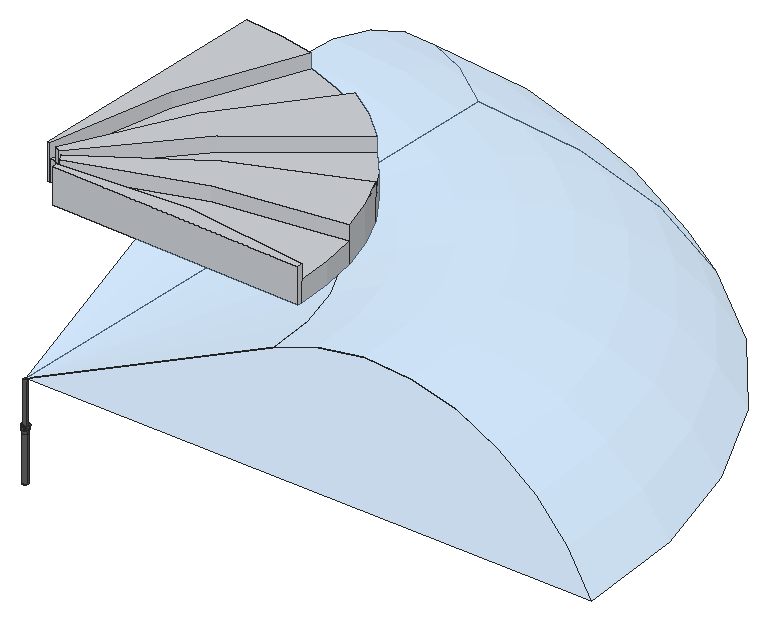
Revit family "HUNTER_PROS12-PRS40-CV", category Sprinklers, Revit 2017
Family settings
  Maintain Annotation Orientation = No
  Round Connector Dimension = Use Diameter
  Part Type = Normal
  OmniClass Number = 23.11.27.15.11.11
  OmniClass Title = Installed Sprinkler Heads
  Work Plane-Based = No
  Always vertical = Yes
  Cut with Voids When Loaded = No
  Shared = Yes
  Room Calculation Point = No
Parameters (values of type "PROS-12-PRS40-CV-MP1000-90_Maroon_4.1m")
  Water Pattern = Water Arc : Water Arc
  Water = Water
  Valid Trajectory Arc [instance] = if(Trajectory Arc < Arc Min, Arc Min, if(Trajectory Arc > Arc Max, Arc Max, Trajectory Arc))  # 90.00°
  URL = "https://www.hunterindustries.com/irrigation-product/spray-bodies/pro-spray-prs40"
  Type Image = <None>
  Type Comments = "Pro-Spray® PROS-12"
  Trajectory Ref [instance] = (if(Trajectory Arc < Arc Min, Arc Min, if(Trajectory Arc > Arc Max, Arc Max, Trajectory Arc))) / 1.00°  # 90
  Trajectory Radius = 4100.000 mm
  Trajectory Angle = 25.00°  # constant formula
  Symbol = Annotation MP1000 : Annotation MP1000
  Show Water Spray = yes
  Show 2D Symbol = yes
  Seal = Hunter® White Flex Seal
  Pressure = 280.0 kPa
  Precipitation Rate = "11 mm/hr"
  Pop Up Material = Hunter® ABS Plastic
  Pop Up Height = 300.000 mm  # constant formula
  Model = "PROS-12-PRS40-CV-MP1000-90"
  MP_Ref_2 = 90
  MP_Ref_1 = 1000
  MP Rotator_URL = "https://www.hunterindustries.com/irrigation-product/mp-rotator/mp-rotator"
  Keynote = "328423.02"
  Inlet Size = "1/2'' NPT"
  Connection_Dia = 15.000 mm  # constant formula
  Nozzle Size = "Hunter®MP Rotator (MP1000) Maroon Nozzle"
  Exposed Diameter = 57.000 mm  # constant formula
  Body Material = Hunter® ABS Plastic
  Manufacturer = "Hunter® Industries"
  Product Flow [instance] = if(and(MP_Ref_1 = 1000, MP_Ref_2 = 90), (if(Trajectory Ref = 90, 0.8 L/min, if(Trajectory Ref = 180, 1.59 L/min, if(Trajectory Ref = 210, 1.86 L/min, if(Trajectory Ref < 180, ((Trajectory Ref - 90) * 0.01 L/min) + 0.8 L/min, ((Trajectory Ref - 180) * 0.01 L/min) + 1.59 L/min))))), (if(and(MP_Ref_1 = 2000, MP_Ref_2 = 90), (if(Trajectory Ref = 90, 1.63 L/min, if(Trajectory Ref = 180, 2.92 L/min, if(Trajectory Ref = 210, 3.26 L/min, if(Trajectory Ref < 180, ((Trajectory Ref - 90) * 0.01 L/min) + 1.63 L/min, ((Trajectory Ref - 180) * 0.01 L/min) + 2.92 L/min))))), (if(and(MP_Ref_1 = 3000, MP_Ref_2 = 90), (if(Trajectory Ref = 90, 3.26 L/min, if(Trajectory Ref = 180, 6.9 L/min, if(Trajectory Ref = 210, 8.03 L/min, if(Trajectory Ref < 180, ((Trajectory Ref - 90) * 0.01 L/min) + 3.26 L/min, ((Trajectory Ref - 180) * 0.01 L/min) + 6.9 L/min))))), (if(and(MP_Ref_1 = 1000, MP_Ref_2 = 210), (if(Trajectory Ref = 210, 1.86 L/min, if(Trajectory Ref = 270, 2.39 L/min, ((Trajectory Ref - 210) * 0.01 L/min) + 1.86 L/min))), (if(and(MP_Ref_1 = 2000, MP_Ref_2 = 210), (if(Trajectory Ref = 210, 3.26 L/min, if(Trajectory Ref = 270, 4.17 L/min, ((Trajectory Ref - 210) * 0.01 L/min) + 3.26 L/min))), (if(and(MP_Ref_1 = 3000, MP_Ref_2 = 210), (if(Trajectory Ref = 210, 8.03 L/min, if(Trajectory Ref = 270, 10.35 L/min, ((Trajectory Ref - 210) * 0.01 L/min) + 8.03 L/min))), (if(and(MP_Ref_1 = 1000, MP_Ref_2 = 360), (3.18 L/min), (if(and(MP_Ref_1 = 2000, MP_Ref_2 = 360), (5.61 L/min), (if(and(MP_Ref_1 = 3000, MP_Ref_2 = 360), (13.8 L/min), (if(and(MP_Ref_1 = 515, MP_Ref_2 = 0), (0.84 L/min), (if(and(MP_Ref_1 = 530, MP_Ref_2 = 0), (1.66 L/min), (if(and(MP_Ref_1 = 3500, MP_Ref_2 = 90), (if(Trajectory Ref = 90, 4.84 L/min, if(Trajectory Ref = 180, 10.83 L/min, if(Trajectory Ref = 210, 12.45 L/min, if(Trajectory Ref < 180, ((Trajectory Ref - 90) * 0.07 L/min) + 4.84 L/min, ((Trajectory Ref - 180) * 0.05 L/min) + 10.83 L/min))))), (if(and(MP_Ref_1 = 4000, MP_Ref_2 = 45), (if(Trajectory Ref = 45, 0.7 L/min, if(Trajectory Ref = 90, 1.44 L/min, if(Trajectory Ref = 105, 1.7 L/min, if(Trajectory Ref < 90, ((Trajectory Ref - 45) * 0.02 L/min) + 0.7 L/min, ((Trajectory Ref - 90) * 0.02 L/min) + 1.44 L/min))))), (if(and(MP_Ref_1 = 515, MP_Ref_2 = 1), (0.84 L/min), (if(and(MP_Ref_1 = 530, MP_Ref_2 = 1), (1.66 L/min), (if(and(MP_Ref_1 = 800, MP_Ref_2 = 360), (2.95 L/min), (if(and(MP_Ref_1 = 815, MP_Ref_2 = 360), (7.08 L/min), (if(and(MP_Ref_1 = 800, MP_Ref_2 = 90), (if(Trajectory Ref = 90, 0.87 L/min, if(Trajectory Ref = 180, 1.59 L/min, if(Trajectory Ref = 210, 1.85 L/min, if(Trajectory Ref < 180, ((Trajectory Ref - 90) * (8.0 L/min / 1000)) + 0.87 L/min, ((Trajectory Ref - 180) * (8.0 L/min / 1000)) + 1.59 L/min))))), (if(and(MP_Ref_1 = 815, MP_Ref_2 = 90), (if(Trajectory Ref = 90, 1.85 L/min, if(Trajectory Ref = 180, 3.52 L/min, if(Trajectory Ref = 210, 4.16 L/min, if(Trajectory Ref < 180, ((Trajectory Ref - 90) * (18.0 L/min / 1000)) + 1.85 L/min, ((Trajectory Ref - 180) * (21.0 L/min / 1000)) + 3.52 L/min))))), (if(and(MP_Ref_1 = 815, MP_Ref_2 = 210), (if(Trajectory Ref = 210, 4.16 L/min, if(Trajectory Ref = 270, 5.3 L/min, ((Trajectory Ref - 210) * (19.0 L/min / 1000) + 4.16 L/min)))), (0.0 L/min))))))))))))))))))))))))))))))))))))))))  # 0.8 L/min
  Diameter = 609.6 mm
  Description = "ProSpray® with Pressure Regulator PROS-12-PRS40 30cm PopUp and MP Rotator MP1000-90"
  Body Height = 410.000 mm  # constant formula
  Assembly Code = "G2050700"
  Trajectory Arc [instance] = 90.00°
  Arc Min = 90.00°
  Arc Max = 210.00°
Types (19, lengths in mm): name | Water Pattern | Valid Trajectory Arc | Trajectory Ref | Trajectory Radius | Symbol | Precipitation Rate | Model | MP_Ref_2 | MP_Ref_1 | MP Rotator_URL | Inlet Size | Nozzle Size | Product Flow | Description | Trajectory Arc | Arc Min | Arc Max
  PROS-12-PRS40-CV-MP1000-90_Maroon_4.1m | Water Arc : Water Arc | 90.00° | 90 | 4100.000 | Annotation MP1000 : Annotation MP1000 | "11 mm/hr" | "PROS-12-PRS40-CV-MP1000-90" | 90 | 1000 | "https://www.hunterindustries.com/irrigation-product/mp-rotator/mp-rotator" | "1/2'' NPT" | "Hunter®MP Rotator (MP1000) Maroon Nozzle" | 0.8 L/min | "ProSpray® with Pressure Regulator PROS-12-PRS40 30cm PopUp and MP Rotator MP1000-90" | 90.00° | 90.00° | 210.00°
  PROS-12-PRS40-CV-MP1000-360_Olive_4.1m | Water Arc : Water Arc | 360.00° | 360 | 4100.000 | Annotation MP1000 : Annotation MP1000 | "11 mm/hr" | "PROS-12-PRS40-CV-MP1000-360" | 360 | 1000 | "https://www.hunterindustries.com/irrigation-product/mp-rotator/mp-rotator" | "1/2\" NPT" | "Hunter®MP Rotator (MP1000) Olive Nozzle" | 3.18 L/min | "ProSpray® with Pressure Regulator PROS-12-PRS40 30cm PopUp and MP Rotator MP1000-360" | 360.00° | 360.00° | 360.00°
  PROS-12-PRS40-CV-MP1000-210_Lt.Blue_4.1m | Water Arc : Water Arc | 270.00° | 270 | 4100.000 | Annotation MP1000 : Annotation MP1000 | "11 mm/hr" | "PROS-12-PRS40-CV-MP1000-210" | 210 | 1000 | "https://www.hunterindustries.com/irrigation-product/mp-rotator/mp-rotator" | "1/2\" NPT" | "Hunter® MP Rotator (MP1000) Lt.Blue Nozzle" | 2.39 L/min | "ProSpray® with Pressure Regulator PROS-12-PRS40 30cm PopUp and MP Rotator MP1000-210" | 270.00° | 210.00° | 270.00°
  PROS-12-PRS40-CV-MP2000-210_Green_5.8 m | Water Arc : Water Arc | 270.00° | 270 | 5800.000 | Annotation MP2000 : Annotation MP2000 | "10 mm/hr" | "PROS-12-PRS40-CV-MP2000-210" | 210 | 2000 | "https://www.hunterindustries.com/irrigation-product/mp-rotator/mp-rotator" | "1/2\" NPT" | "Hunter® MP Rotator (MP2000) Green Nozzle" | 4.17 L/min | "ProSpray® with Pressure Regulator PROS-12-PRS40 30cm PopUp and MP Rotator MP2000-210" | 270.00° | 210.00° | 270.00°
  PROS-12-PRS40-CV-MP2000-90_Black_5.8m | Water Arc : Water Arc | 210.00° | 210 | 5800.000 | Annotation MP2000 : Annotation MP2000 | "11 mm/hr" | "PROS-12-PRS40-CV-MP2000-90" | 90 | 2000 | "https://www.hunterindustries.com/irrigation-product/mp-rotator/mp-rotator" | "1/2'' NPT" | "Hunter® MP Rotator (MP2000) Black Nozzle" | 3.26 L/min | "ProSpray® with Pressure Regulator PROS-12-PRS40 30cm PopUp and MP Rotator MP2000-90" | 210.00° | 90.00° | 210.00°
  PROS-12-PRS40-CV-MP2000-360_Red_5.8m | Water Arc : Water Arc | 360.00° | 360 | 5800.000 | Annotation MP2000 : Annotation MP2000 | "10 mm/hr" | "PROS-12-PRS40-CV-MP2000-360" | 360 | 2000 | "https://www.hunterindustries.com/irrigation-product/mp-rotator/mp-rotator" | "1/2\" NPT" | "Hunter® MP Rotator (MP2000) Red Nozzle" | 5.61 L/min | "ProSpray® with Pressure Regulator PROS-12-PRS40 30cm PopUp and MP Rotator MP2000-360" | 360.00° | 360.00° | 360.00°
  PROS-12-PRS40-CV-MP3000-210_Yellow_9.1m | Water Arc : Water Arc | 270.00° | 270 | 9100.000 | Annotation MP3000 : Annotation MP3000 | "10 mm/hr" | "PROS-12-PRS40-CV-MP3000-210" | 210 | 3000 | "https://www.hunterindustries.com/irrigation-product/mp-rotator/mp-rotator" | "1/2'' NPT" | "Hunter® MP Rotator (MP3000) Yellow Nozzle" | 10.35 L/min | "ProSpray® with Pressure Regulator PROS-12-PRS40 30cm PopUp and MP Rotator MP3000-210" | 270.00° | 210.00° | 270.00°
  PROS-12-PRS40-CV-MP3000-360_Grey_9.1m | Water Arc : Water Arc | 360.00° | 360 | 9100.000 | Annotation MP3000 : Annotation MP3000 | "10 mm/hr" | "PROS-12-PRS40-CV-MP3000-360" | 360 | 3000 | "https://www.hunterindustries.com/irrigation-product/mp-rotator/mp-rotator" | "1/2\" NPT" | "Hunter® MP Rotator (MP3000) Grey Nozzle" | 13.8 L/min | "ProSpray® with Pressure Regulator PROS-12-PRS40 30cm PopUp and MP Rotator MP3000-360" | 360.00° | 360.00° | 360.00°
  PROS-12-PRS40-CV-MP3000-90_Blue_9.1m | Water Arc : Water Arc | 90.00° | 90 | 9100.000 | Annotation MP3000 : Annotation MP3000 | "10 mm/hr" | "PROS-12-PRS40-CV-MP3000-90" | 90 | 3000 | "https://www.hunterindustries.com/irrigation-product/mp-rotator/mp-rotator" | "1/2'' NPT" | "Hunter® MP Rotator (MP3000) Blue Nozzle" | 3.26 L/min | "ProSpray® with Pressure Regulator PROS-12-PRS40 30cm PopUp and MP Rotator MP3000-90" | 90.00° | 90.00° | 210.00°
  PROS-12-PRS40-CV-MPCorner_Turquoise-4.1m | Water Arc : Water Arc | 60.00° | 60 | 4100.000 | Annotation MPCorner : Annotation MPCorner | "11 mm/hr" | "PROS-12-PRS40-CV-MPCorner" | 45 | 4000 | "https://www.hunterindustries.com/irrigation-product/mp-rotator/mp-rotator" | "1/2'' NPT" | "Hunter® MP Rotator (MPCorner) Turquoise Nozzle" | 1.0 L/min | "ProSpray® with Pressure Regulator PROS-12-PRS40 30cm PopUp and MP Rotator MPCorner" | 60.00° | 45.00° | 105.00°
  PROS-12-PRS40-CV-MP3500-90_Light Brown_10.7m | Water Arc : Water Arc | 180.00° | 180 | 10700.000 | Annotation MP3500 : Annotation MP3500 | "11 mm/hr" | "PROS-12-PRS40-CV-MP3500-90" | 90 | 3500 | "https://www.hunterindustries.com/irrigation-product/mp-rotator/mp-rotator" | "1/2'' NPT" | "Hunter® MP Rotator (MP3500) Light Brown Nozzle" | 10.83 L/min | "ProSpray® with Pressure Regulator PROS-12-PRS40 30cm PopUp and MP Rotator MP3500-90" | 180.00° | 90.00° | 210.00°
  PROS-12-PRS40-CV-MPLCS-515_Ivory_1.5x4.6m | Water Left Strip : Water Left Strip | 1.00° | 1 | 1.000 | Annotation MPLCS-515 : Annotation MPLCS-515 | "11 mm/hr" | "PROS-12-PRS40-CV-MPLCS-515" | 1 | 515 | "https://www.hunterindustries.com/irrigation-product/mp-rotator/mp-rotator" | "1/2'' NPT" | "Hunter® MP Rotator (MPLCS-515) Ivory Nozzle" | 0.84 L/min | "ProSpray® with Pressure Regulator PROS-12-PRS40 30cm PopUp and MP Rotator MPLCS-515" | 1.00° | 1.00° | 1.00°
  PROS-12-PRS40-CV-MPRCS-515_Copper_1.5x4.6m | Water Right Strip : Water Right Strip | 1.00° | 1 | 1.000 | Annotation MPRCS-515 : Annotation MPRCS-515 | "11 mm/hr" | "PROS-12-PRS40-CV-MPRCS-515" | 1 | 515 | "https://www.hunterindustries.com/irrigation-product/mp-rotator/mp-rotator" | "1/2'' NPT" | "Hunter® MP Rotator (MPRCS-515) Copper Nozzle" | 0.84 L/min | "ProSpray® with Pressure Regulator PROS-12-PRS40 30cm PopUp and MP Rotator MPRCS-515" | 1.00° | 1.00° | 1.00°
  PROS-12-PRS40-CV-MPSS-530_Brown_1.5x9.1m | Water Side Strip : Water Side Strip | 1.00° | 1 | 1.000 | Annotation MPSS-530 : Annotation MPSS-530 | "11 mm/hr" | "PROS-12-PRS40-CV-MPSS-530" | 1 | 530 | "https://www.hunterindustries.com/irrigation-product/mp-rotator/mp-rotator" | "1/2'' NPT" | "Hunter® MP Rotator (MPSS-530) Brown Nozzle" | 1.66 L/min | "ProSpray® with Pressure Regulator PROS-12-PRS40 30cm PopUp and MP Rotator MPSS-530" | 1.00° | 1.00° | 1.00°
  PROS-12-PRS40-CV-MP800SR-90_Orange and Grey_3.0m | Water Arc : Water Arc | 90.00° | 90 | 3000.000 | Annotation MP800 : Annotation MP800 | "21 mm/hr" | "PROS-12-PRS40-CV-MP800SR-90" | 90 | 800 | "https://www.hunterindustries.com/irrigation-product/mp-rotator/mp-rotator-mp800-series" | "1/2'' NPT" | "Hunter®MP Rotator (MP800SR) Orange and Grey Nozzle" | 0.87 L/min | "ProSpray® with Pressure Regulator PROS-12-PRS40 30cm PopUp and MP800 Series MP800SR-90" | 90.00° | 90.00° | 210.00°
  PROS-12-PRS40-CV-MP800SR-360_Lime Green and Grey_3.0m | Water Arc : Water Arc | 360.00° | 360 | 3000.000 | Annotation MP800 : Annotation MP800 | "20 mm/hr" | "PROS-12-PRS40-CV-MP800SR-360" | 360 | 800 | "https://www.hunterindustries.com/irrigation-product/mp-rotator/mp-rotator-mp800-series" | "1/2\" NPT" | "Hunter®MP Rotator (MP800SR) Lime Green and Grey Nozzle" | 2.95 L/min | "ProSpray® with Pressure Regulator PROS-12-PRS40 30cm PopUp and MP800 Series Rotator MP800SR-360" | 360.00° | 360.00° | 360.00°
  PROS-12-PRS40-CV-MP815-360_Olive and Grey_4.5m | Water Arc : Water Arc | 360.00° | 360 | 4500.000 | Annotation MP815 : Annotation MP815 | "21 mm/hr" | "PROS-12-PRS40-CV-MP815-360" | 360 | 815 | "https://www.hunterindustries.com/irrigation-product/mp-rotator/mp-rotator-mp800-series" | "1/2\" NPT" | "Hunter®MP Rotator (MP815) Olive and Grey Nozzle" | 7.08 L/min | "ProSpray® with Pressure Regulator PROS-12-PRS40 30cm PopUp and MP800 Series MP815-360" | 360.00° | 360.00° | 360.00°
  PROS-12-PRS40-CV-MP815-90_Maroon and Grey_4.5m | Water Arc : Water Arc | 210.00° | 210 | 4500.000 | Annotation MP815 : Annotation MP815 | "21 mm/hr" | "PROS-12-PRS40-CV-MP815-90" | 90 | 815 | "https://www.hunterindustries.com/irrigation-product/mp-rotator/mp-rotator-mp800-series" | "1/2'' NPT" | "Hunter®MP Rotator (MP815) Maroon and Grey Nozzle" | 4.16 L/min | "ProSpray® with Pressure Regulator PROS-12-PRS40 30cm PopUp and MP800 Series MP815-90" | 210.00° | 90.00° | 210.00°
  PROS-12-PRS40-CV-MP815-210_Lt. Blue and Grey_4.5m | Water Arc : Water Arc | 270.00° | 270 | 4500.000 | Annotation MP815 : Annotation MP815 | "21 mm/hr" | "PROS-12-PRS40-CV-MP815-210" | 210 | 815 | "https://www.hunterindustries.com/irrigation-product/mp-rotator/mp-rotator-mp800-series" | "1/2\" NPT" | "Hunter® MP Rotator (MP815) Lt.Blue and Grey Nozzle" | 5.3 L/min | "ProSpray® with Pressure Regulator PROS-12-PRS40 30cm PopUp and MP800 Series MP815-210" | 270.00° | 210.00° | 270.00°
Reference planes
  plane 1 "Center (Front/Back)": y = 0
  plane 2: z = 0
  plane 3 "Center (Left/Right)": x = 0
Lines and regions (mm)
  model lines
    curve 1: line (0, 0, 0) -> (-29, 0, 0)
    curve 2: circle (0, 0, 0) r 29 normal (0, 0, 1)
    curve 3: line (0, 0, 0) -> (0, -29, 0)
    curve 4: line (0, 0, 0) -> (0, 29, 0)
    curve 5: line (0, 0, 0) -> (29, 0, 0)
Dimensions and locks
  aligned and locked: level to plane 2
Nested families
  nested 1: "PROS12" at (0, 0, 0), type "PROS12"
  nested 2: "Water Arc" at (0, 0, 300), type <- "Water Pattern", visible <- "Show Water Spray", type "Water Arc"
    with r1 1732.735 mm, Trajectory Arc 90.00°, Radius 4100.000 mm
  nested 3: "Annotation MP1000" at (0, 0, 1500), type <- "Symbol", visible <- "Show 2D Symbol", Trajectory Arc <- "Valid Trajectory Arc", type "Annotation MP1000"
    with Trajectory Ref 90, Trajectory Arc 90.00°, Ann Trajectory 90.00°
Connectors
  piping at (0, 0, -374.225), diameter 15, driven by "Product Flow"
    settings: on nested 1, index 1, connector inside diameter 609.6 mm, connector length 0.000 mm, flow factor 0, pipe flow 0.8 L/min, pressure drop 0.0 kPa, fitting loss kfactor 0, connector angle 0.00°, fixture units 0, engagement length 0.000 mm, angle of deflection 0.00°, flow configuration 0, flow direction 1, fitting loss method 2, system type 22, joint type 0, gender type 0, connector reference index -1, connector utility 0, adjustable connector no, is connector primary yes, connector description ""
Definition of nested family "PROS12"
  Parameters (values of type "PROS12")
    R_Pipe_Connection = 15.671 mm
    Pop_Up = 100.000 mm
    ON = yes
    Material = none
    Dia = 25.315 mm
    Body_Height = 190.000 mm
  Reference planes
    plane 1 "Center (Front/Back)": y = 0
    plane 2: z = 0
    plane 3 "Center (Left/Right)": x = 0
  Forms (mm)
    Revolve 1, solid
      sketch origin (0, 0, 0) x (1, 0, 0) y (0, 0, 1)
        loop
          line (-7.5, -373.225) -> (-7.5, -374.225) -> (0, -374.225) -> (0, 5.715) -> (-12.032, 5.715) -> (-12.032, 3.583) -> (-28.553, 3.583) -> (-28.874, -0.237) -> (-27.947, -0.237) -> (-27.895, -3.237) -> (-25.407, -15.618) -> (-25.407, -17.907) -> (-24.125, -17.907) -> (-20.242, -43.335) -> (-19.685, -369.434)
          arc (-19.685, -369.434) -> (-18.562, -372.116) -> (-15.875, -373.225) r 3.81
          line (-15.875, -373.225) -> (-7.5, -373.225)
        axis (0, -374.225) -> (0, 5.715)
      angle from 0 to 360
    Extrusion 2, solid
      sketch origin (0, 0, 0) x (1, 0, 0) y (0, 1, 0)
        loop
          circle (0, 0) r 12.032
      from 0 to 300
  Dimensions and locks
    aligned and locked: level to plane 2
Definition of nested family "Water Arc"
  Parameters (values of type "Water Arc")
    r1 = Radius * sin(Arc_Angle)  # 1901.782 mm
    Trajectory Arc = 180.00°
    Radius = 4500.000 mm
    Material = none
    Arc_Angle = 25.00°
  Reference planes
    plane 1 "Center (Front/Back)": y = 0
    plane 2: z = 0
    plane 3 "Center (Left/Right)": x = 0
  Forms (mm)
    Revolve 1, solid, material <- "Material"
      sketch origin (0, 0, 100) x (1, 0, 0) y (0, 0, 1)
        loop
          line (0, -100) -> (4500, -100)
          arc (4500, -100) -> (3426.848, 883.363) -> (1972.672, 819.872) r 1901.782
          line (1972.672, 819.872) -> (0, -100)
        axis (0, -100) -> (0, 819.872)
      angle from 0 to 180 <- "Trajectory Arc"
  Dimensions and locks
    "Radius": Revolve 1 sketch curve to plane 3 "Center (Left/Right)"
    "r1": radius of Revolve 1 sketch curve
    "Arc_Angle": angle Revolve 1 sketch curve to Revolve 1 sketch curve
    aligned and locked: level to plane 2
    aligned and locked: plane 3 "Center (Left/Right)" to Revolve 1 sketch curve
    aligned and locked: Revolve 1 sketch curve to level
  Automatic sketch dimensions
    Revolve 1 sketch curve to plane 3 "Center (Left/Right)" = 0.000 mm
    Revolve 1 sketch curve to Revolve 1 sketch curve = 191.442 mm
    Revolve 1 sketch curve to Revolve 1 sketch curve = 1280.000 mm
Definition of nested family "Annotation MP1000"
  Parameters (values of type "Annotation MP1000")
    Trajectory Ref [instance] = Trajectory Arc / 1.00°  # 72.8473
    Trajectory Arc [instance] = 72.8473°
    Ann Trajectory [instance] = Trajectory Arc  # 72.8473°
  Reference planes
    plane 1 "Center (Front/Back)": y = 0
    plane 2: z = 0
    plane 3 "Center (Left/Right)": x = 0
  Forms (mm)
    Extrusion 1, solid
      sketch origin (0, 0, 0) x (1, 0, 0) y (0, 1, 0)
        loop
          arc (199.438, -14.979) -> (1089.192, -185.154) -> (1931.852, -517.638) r 4855.669
          arc (1931.852, -517.638) -> (1982.89, -261.052) -> (2000, 0) r 2000
          arc (2000, 0) -> (1100, 103.058) -> (196.519, 37.15) r 4855.669
          arc (196.519, 37.15) -> (199.687, 11.181) -> (199.438, -14.979) r 200
        loop
          arc (1931.852, 517.638) -> (1847.759, 765.367) -> (1732.051, 1000) r 2000
          arc (1732.051, 1000) -> (901.099, 639.251) -> (151.616, 130.432) r 4855.669
          arc (151.616, 130.432) -> (167.344, 109.527) -> (180.208, 86.747) r 200
          arc (180.208, 86.747) -> (1035.845, 384.248) -> (1931.852, 517.638) r 4855.669
        loop
          arc (1414.214, 1414.214) -> (1217.523, 1586.707) -> (1000, 1732.051) r 2000
          arc (1000, 1732.051) -> (460.749, 1004.157) -> (66.087, 188.766) r 4855.669
          arc (66.087, 188.766) -> (90.161, 178.525) -> (112.691, 165.229) r 200
          arc (112.691, 165.229) -> (704.944, 850.691) -> (1414.214, 1414.214) r 4855.669
        loop
          arc (517.638, 1931.852) -> (261.052, 1982.89) -> (0, 2000) r 2000
          arc (0, 2000) -> (-103.058, 1100) -> (-37.15, 196.519) r 4855.669
          arc (-37.15, 196.519) -> (-11.181, 199.687) -> (14.979, 199.438) r 200
          arc (14.979, 199.438) -> (185.154, 1089.192) -> (517.638, 1931.852) r 4855.669
        loop
          arc (-517.638, 1931.852) -> (-765.367, 1847.759) -> (-1000, 1732.051) r 2000
          arc (-1000, 1732.051) -> (-639.251, 901.099) -> (-130.432, 151.616) r 4855.669
          arc (-130.432, 151.616) -> (-109.527, 167.344) -> (-86.747, 180.208) r 200
          arc (-86.747, 180.208) -> (-384.248, 1035.845) -> (-517.638, 1931.852) r 4855.669
        loop
          arc (-1414.214, 1414.214) -> (-1586.707, 1217.523) -> (-1732.051, 1000) r 2000
          arc (-1732.051, 1000) -> (-1004.157, 460.749) -> (-188.766, 66.087) r 4855.669
          arc (-188.766, 66.087) -> (-178.525, 90.161) -> (-165.229, 112.691) r 200
          arc (-165.229, 112.691) -> (-850.691, 704.944) -> (-1414.214, 1414.214) r 4855.669
        loop
          arc (-1931.852, 517.638) -> (-1982.89, 261.052) -> (-2000, 0) r 2000
          arc (-2000, 0) -> (-1100, -103.058) -> (-196.519, -37.15) r 4855.669
          arc (-196.519, -37.15) -> (-199.687, -11.181) -> (-199.438, 14.979) r 200
          arc (-199.438, 14.979) -> (-1089.192, 185.154) -> (-1931.852, 517.638) r 4855.669
        loop
          arc (-1931.852, -517.638) -> (-1847.759, -765.367) -> (-1732.051, -1000) r 2000
          arc (-1732.051, -1000) -> (-901.099, -639.251) -> (-151.616, -130.432) r 4855.669
          arc (-151.616, -130.432) -> (-167.344, -109.527) -> (-180.208, -86.747) r 200
          arc (-180.208, -86.747) -> (-1035.845, -384.248) -> (-1931.852, -517.638) r 4855.669
        loop
          arc (-1414.214, -1414.214) -> (-1217.523, -1586.707) -> (-1000, -1732.051) r 2000
          arc (-1000, -1732.051) -> (-460.749, -1004.157) -> (-66.087, -188.766) r 4855.669
          arc (-66.087, -188.766) -> (-90.161, -178.525) -> (-112.691, -165.229) r 200
          arc (-112.691, -165.229) -> (-704.944, -850.691) -> (-1414.214, -1414.214) r 4855.669
        loop
          arc (-517.638, -1931.852) -> (-261.052, -1982.89) -> (0, -2000) r 2000
          arc (0, -2000) -> (103.058, -1100) -> (37.15, -196.519) r 4855.669
          arc (37.15, -196.519) -> (11.181, -199.687) -> (-14.979, -199.438) r 200
          arc (-14.979, -199.438) -> (-185.154, -1089.192) -> (-517.638, -1931.852) r 4855.669
        loop
          arc (517.638, -1931.852) -> (765.367, -1847.759) -> (1000, -1732.051) r 2000
          arc (1000, -1732.051) -> (639.251, -901.099) -> (130.432, -151.616) r 4855.669
          arc (130.432, -151.616) -> (109.527, -167.344) -> (86.747, -180.208) r 200
          arc (86.747, -180.208) -> (384.248, -1035.845) -> (517.638, -1931.852) r 4855.669
        loop
          arc (1414.214, -1414.214) -> (1586.707, -1217.523) -> (1732.051, -1000) r 2000
          arc (1732.051, -1000) -> (1004.157, -460.749) -> (188.766, -66.087) r 4855.669
          arc (188.766, -66.087) -> (178.525, -90.161) -> (165.229, -112.691) r 200
          arc (165.229, -112.691) -> (850.691, -704.944) -> (1414.214, -1414.214) r 4855.669
      from 0 to 250
    Extrusion 2, solid
      sketch origin (0, 0, 0) x (0.965926, 0.258819, 0) y (-0.258819, 0.965926, 0)
        loop
          arc (199.438, -14.979) -> (1089.192, -185.154) -> (1931.852, -517.638) r 4855.669
          arc (1931.852, -517.638) -> (1982.89, -261.052) -> (2000, 0) r 2000
          arc (2000, 0) -> (1100, 103.058) -> (196.519, 37.15) r 4855.669
          arc (196.519, 37.15) -> (199.687, 11.181) -> (199.438, -14.979) r 200
        loop
          arc (1931.852, 517.638) -> (1847.759, 765.367) -> (1732.051, 1000) r 2000
          arc (1732.051, 1000) -> (901.099, 639.251) -> (151.616, 130.432) r 4855.669
          arc (151.616, 130.432) -> (167.344, 109.527) -> (180.208, 86.747) r 200
          arc (180.208, 86.747) -> (1035.845, 384.248) -> (1931.852, 517.638) r 4855.669
        loop
          arc (1414.214, 1414.214) -> (1217.523, 1586.707) -> (1000, 1732.051) r 2000
          arc (1000, 1732.051) -> (460.749, 1004.157) -> (66.087, 188.766) r 4855.669
          arc (66.087, 188.766) -> (90.161, 178.525) -> (112.691, 165.229) r 200
          arc (112.691, 165.229) -> (704.944, 850.691) -> (1414.214, 1414.214) r 4855.669
        loop
          arc (517.638, 1931.852) -> (261.052, 1982.89) -> (0, 2000) r 2000
          arc (0, 2000) -> (-103.058, 1100) -> (-37.15, 196.519) r 4855.669
          arc (-37.15, 196.519) -> (-11.181, 199.687) -> (14.979, 199.438) r 200
          arc (14.979, 199.438) -> (185.154, 1089.192) -> (517.638, 1931.852) r 4855.669
        loop
          arc (-517.638, 1931.852) -> (-765.367, 1847.759) -> (-1000, 1732.051) r 2000
          arc (-1000, 1732.051) -> (-639.251, 901.099) -> (-130.432, 151.616) r 4855.669
          arc (-130.432, 151.616) -> (-109.527, 167.344) -> (-86.747, 180.208) r 200
          arc (-86.747, 180.208) -> (-384.248, 1035.845) -> (-517.638, 1931.852) r 4855.669
        loop
          arc (-1414.214, 1414.214) -> (-1586.707, 1217.523) -> (-1732.051, 1000) r 2000
          arc (-1732.051, 1000) -> (-1004.157, 460.749) -> (-188.766, 66.087) r 4855.669
          arc (-188.766, 66.087) -> (-178.525, 90.161) -> (-165.229, 112.691) r 200
          arc (-165.229, 112.691) -> (-850.691, 704.944) -> (-1414.214, 1414.214) r 4855.669
        loop
          arc (-1931.852, 517.638) -> (-1982.89, 261.052) -> (-2000, 0) r 2000
          arc (-2000, 0) -> (-1100, -103.058) -> (-196.519, -37.15) r 4855.669
          arc (-196.519, -37.15) -> (-199.687, -11.181) -> (-199.438, 14.979) r 200
          arc (-199.438, 14.979) -> (-1089.192, 185.154) -> (-1931.852, 517.638) r 4855.669
        loop
          arc (-1931.852, -517.638) -> (-1847.759, -765.367) -> (-1732.051, -1000) r 2000
          arc (-1732.051, -1000) -> (-901.099, -639.251) -> (-151.616, -130.432) r 4855.669
          arc (-151.616, -130.432) -> (-167.344, -109.527) -> (-180.208, -86.747) r 200
          arc (-180.208, -86.747) -> (-1035.845, -384.248) -> (-1931.852, -517.638) r 4855.669
        loop
          arc (-1414.214, -1414.214) -> (-1217.523, -1586.707) -> (-1000, -1732.051) r 2000
          arc (-1000, -1732.051) -> (-460.749, -1004.157) -> (-66.087, -188.766) r 4855.669
          arc (-66.087, -188.766) -> (-90.161, -178.525) -> (-112.691, -165.229) r 200
          arc (-112.691, -165.229) -> (-704.944, -850.691) -> (-1414.214, -1414.214) r 4855.669
        loop
          arc (-517.638, -1931.852) -> (-261.052, -1982.89) -> (0, -2000) r 2000
          arc (0, -2000) -> (103.058, -1100) -> (37.15, -196.519) r 4855.669
          arc (37.15, -196.519) -> (11.181, -199.687) -> (-14.979, -199.438) r 200
          arc (-14.979, -199.438) -> (-185.154, -1089.192) -> (-517.638, -1931.852) r 4855.669
        loop
          arc (517.638, -1931.852) -> (765.367, -1847.759) -> (1000, -1732.051) r 2000
          arc (1000, -1732.051) -> (639.251, -901.099) -> (130.432, -151.616) r 4855.669
          arc (130.432, -151.616) -> (109.527, -167.344) -> (86.747, -180.208) r 200
          arc (86.747, -180.208) -> (384.248, -1035.845) -> (517.638, -1931.852) r 4855.669
        loop
          arc (1414.214, -1414.214) -> (1586.707, -1217.523) -> (1732.051, -1000) r 2000
          arc (1732.051, -1000) -> (1004.157, -460.749) -> (188.766, -66.087) r 4855.669
          arc (188.766, -66.087) -> (178.525, -90.161) -> (165.229, -112.691) r 200
          arc (165.229, -112.691) -> (850.691, -704.944) -> (1414.214, -1414.214) r 4855.669
      from 0 to 150
    Revolve 3, void
      sketch origin (0, 0, 0) x (1, 0, 0) y (0, 0, 1)
        loop
          line (0, 428.686) -> (0, -131.314) -> (2080, -131.314) -> (2080, 428.686) -> (0, 428.686)
        axis (0, -131.314) -> (0, 428.686)
      angle from 72.847 <- "Trajectory Arc" to 359
  Cuts and joins
    Revolve 3 cuts Extrusion 1
    Revolve 3 cuts Extrusion 2
  Dimensions and locks
    aligned and locked: plane 2 to level
